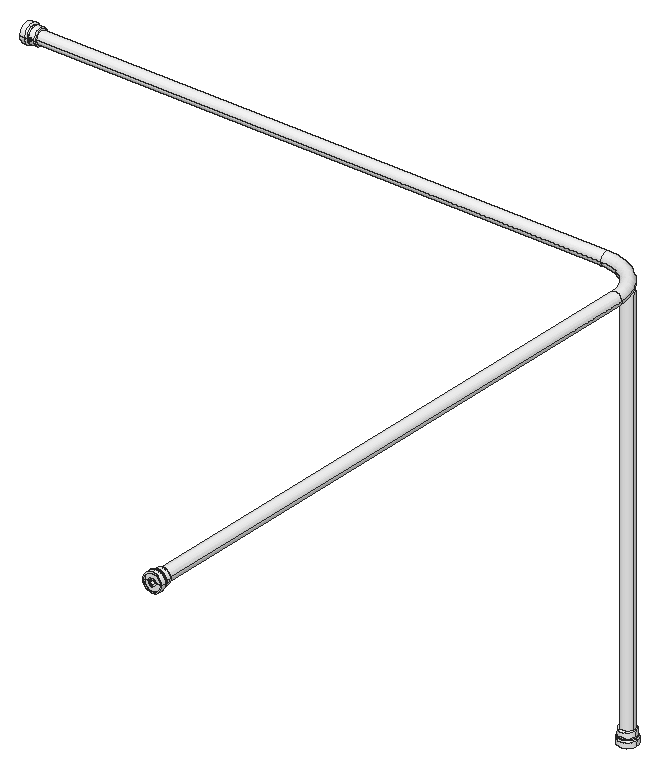
Revit family "53936__DVS-L-B-1500x1500", category Generic Models, Revit 2014
Parameters (values of type "Type")
  Length [instance] = 700 mm
  L [instance] = Length - 40 mm  # 660 mm
  Color = White
Reference planes
  plane 1 "Center (Front/Back)": y = 0
  plane 2: z = 0
  plane 3 "Center (Left/Right)": x = 0
Forms (mm)
  Extrusion 1, solid, material "White" <- "Color", detail levels fine
    sketch origin (0, -1228, 951) x (0, 1, 0) y (0, 0, 1)
      loop
        circle (-250, 49) r 3
      loop
        line (-248.4, 49.924) -> (-250, 50.848) -> (-251.6, 49.924) -> (-251.6, 48.076) -> (-250, 47.152) -> (-248.4, 48.076) -> (-248.4, 49.924)
    from 0 to 20
  Revolve 2, solid, material "White" <- "Color", detail levels fine
    sketch origin (0, -1500, 1000) x (1, 0, 0) y (0, 1, 0)
      loop
        arc (22.475, 11.48) -> (21.956, 13.166) -> (20.58, 14.269) r 3
        arc (20.58, 14.269) -> (19.18, 15.661) -> (19.227, 17.635) r 2.5
        arc (19.227, 17.635) -> (19.447, 18.322) -> (19.496, 19.042) r 3
        line (19.496, 19.042) -> (18.864, 31.105)
        arc (18.864, 31.105) -> (18.243, 32.451) -> (16.866, 33) r 2
        line (16.866, 33) -> (5.5, 33) -> (5.5, 2) -> (9.5, 2) -> (9.5, 1) -> (20, 1) -> (20, 0) -> (22.475, 0) -> (22.475, 11.48)
      axis (0, 0) -> (0, 33)
    angle from 0 to 360
  Sweep 3, solid, material "White" <- "Color", detail levels medium+fine
    path origin (0, 0, 1000) x (1, 0, 0) y (0, 1, 0)
      loop
        line (0, -1467) -> (0, -110)
        arc (0, -110) -> (-32.218, -32.218) -> (-110, 0) r 110
        line (-110, 0) -> (-1467, 0)
    profile origin (-788.5, 0, 1000) x (0, -1, 0) y (0, 0, 1)
      loop
        circle (0, 0) r 15
  Extrusion 4, void
    sketch origin (0, -1228, 951) x (0, 1, 0) y (0, 0, 1)
      loop
        line (-248.4, 49.924) -> (-250, 50.848) -> (-251.6, 49.924) -> (-251.6, 48.076) -> (-250, 47.152) -> (-248.4, 48.076) -> (-248.4, 49.924)
    from 17.178 to 28.803
  Extrusion 5, solid, material "White" <- "Color", detail levels fine
    sketch origin (-32.218, 16.782, -228) x (0, 0, -1) y (0, -1, 0)
      loop
        circle (-250, 49) r 3
      loop
        line (-248.4, 49.924) -> (-250, 50.848) -> (-251.6, 49.924) -> (-251.6, 48.076) -> (-250, 47.152) -> (-248.4, 48.076) -> (-248.4, 49.924)
    from 0 to 20
  Revolve 6, solid, material "White" <- "Color", detail levels fine
    sketch origin (-32.218, -32.218, 0) x (1, 0, 0) y (0, 0, 1)
      loop
        arc (22.475, 11.48) -> (21.956, 13.166) -> (20.58, 14.269) r 3
        arc (20.58, 14.269) -> (19.18, 15.661) -> (19.227, 17.635) r 2.5
        arc (19.227, 17.635) -> (19.447, 18.322) -> (19.496, 19.042) r 3
        line (19.496, 19.042) -> (18.864, 31.105)
        arc (18.864, 31.105) -> (18.243, 32.451) -> (16.866, 33) r 2
        line (16.866, 33) -> (5.5, 33) -> (5.5, 2) -> (9.5, 2) -> (9.5, 1) -> (20, 1) -> (20, 0) -> (22.475, 0) -> (22.475, 11.48)
      axis (0, 0) -> (0, 33)
    angle from 0 to 360
  Extrusion 7, void, detail levels fine
    sketch origin (-32.218, -283.218, -228) x (0, 0, -1) y (0, -1, 0)
      loop
        line (-248.4, 49.924) -> (-250, 50.848) -> (-251.6, 49.924) -> (-251.6, 48.076) -> (-250, 47.152) -> (-248.4, 48.076) -> (-248.4, 49.924)
    from 17.178 to 28.803
  Extrusion 8, solid, material "White" <- "Color", detail levels fine
    sketch origin (0, 0, 0) x (1, 0, 0) y (0, 1, 0)
      loop
        circle (-32.218, -32.218) r 15
    from 27.601 to 972
  Extrusion 9, solid, material "White" <- "Color", detail levels fine
    sketch origin (-1228, 0, 951) x (1, 0, 0) y (0, 0, 1)
      loop
        circle (-250, 49) r 3
      loop
        line (-248.4, 49.924) -> (-250, 50.848) -> (-251.6, 49.924) -> (-251.6, 48.076) -> (-250, 47.152) -> (-248.4, 48.076) -> (-248.4, 49.924)
    from 0 to 20
  Revolve 10, solid, material "White" <- "Color", detail levels fine
    sketch origin (-1500, 0, 1000) x (0, -1, 0) y (1, 0, 0)
      loop
        arc (22.475, 11.48) -> (21.956, 13.166) -> (20.58, 14.269) r 3
        arc (20.58, 14.269) -> (19.18, 15.661) -> (19.227, 17.635) r 2.5
        arc (19.227, 17.635) -> (19.447, 18.322) -> (19.496, 19.042) r 3
        line (19.496, 19.042) -> (18.864, 31.105)
        arc (18.864, 31.105) -> (18.243, 32.451) -> (16.866, 33) r 2
        line (16.866, 33) -> (5.5, 33) -> (5.5, 2) -> (9.5, 2) -> (9.5, 1) -> (20, 1) -> (20, 0) -> (22.475, 0) -> (22.475, 11.48)
      axis (0, 0) -> (0, 33)
    angle from 0 to 360
  Extrusion 11, void
    sketch origin (-1228, -300, 951) x (1, 0, 0) y (0, 0, 1)
      loop
        line (-248.4, 49.924) -> (-250, 50.848) -> (-251.6, 49.924) -> (-251.6, 48.076) -> (-250, 47.152) -> (-248.4, 48.076) -> (-248.4, 49.924)
    from 17.178 to 28.803
  Revolve 12, solid, material "White" <- "Color", detail levels fine
    sketch origin (0, -32, 0) x (1, 0, 0) y (0, 0, 1)
      loop
        line (-36.218, 1000) -> (-36.218, 977)
        arc (-36.218, 977) -> (-37.097, 974.879) -> (-39.218, 974) r 3
        line (-39.218, 974) -> (-39.218, 972) -> (-32.218, 972) -> (-32.218, 1000) -> (-36.218, 1000)
      axis (-32.218, 1000) -> (-32.218, 972)
    angle from 0 to 360
  Extrusion 13, void
    sketch origin (0, 0, 0) x (1, 0, 0) y (0, 0, 1)
      loop
        line (-38.218, 972) -> (-38.218, 975.581) -> (-44.166, 975.581) -> (-44.166, 972) -> (-38.218, 972)
      loop
        line (-26.218, 972) -> (-20.694, 972) -> (-20.694, 975.946) -> (-26.218, 975.946) -> (-26.218, 972)
    from -32.169 to 250
  Sweep 14, solid, material "White", not visible, detail levels medium+fine
    path origin (488.763, 488.762, 1000) x (1, 0, 0) y (0, 1, 0)
      loop
        line (0, -967) -> (0, -110)
        arc (0, -110) -> (-32.218, -32.218) -> (-110, 0) r 110
        line (-110, 0) -> (-967, 0)
    profile origin (-49.737, 488.762, 1000) x (0, -1, 0) y (0, 0, 1)
      loop
        circle (0, 0) r 15
  Extrusion 15, solid, material "White", not visible, detail levels fine
    sketch origin (488.763, 488.762, 0) x (1, 0, 0) y (0, 1, 0)
      loop
        circle (-32.218, -32.218) r 15
    from 27.601 to 972
  Revolve 16, solid, material "White", not visible, detail levels medium
    sketch origin (456.544, 456.544, 0) x (1, 0, 0) y (0, 0, 1)
      loop
        arc (22.475, 11.48) -> (21.956, 13.166) -> (20.58, 14.269) r 3
        arc (20.58, 14.269) -> (19.18, 15.661) -> (19.227, 17.635) r 2.5
        arc (19.227, 17.635) -> (19.447, 18.322) -> (19.496, 19.042) r 3
        line (19.496, 19.042) -> (18.864, 31.105)
        arc (18.864, 31.105) -> (18.243, 32.451) -> (16.866, 33) r 2
        line (16.866, 33) -> (0, 33) -> (0, 0) -> (22.475, 0) -> (22.475, 11.48)
      axis (0, 0) -> (0, 33)
    angle from 0 to 360
  Revolve 17, solid, material "White", not visible, detail levels medium
    sketch origin (-511.237, 488.763, 1000) x (0, -1, 0) y (1, 0, 0)
      loop
        arc (22.475, 11.48) -> (21.956, 13.166) -> (20.58, 14.269) r 3
        arc (20.58, 14.269) -> (19.18, 15.661) -> (19.227, 17.635) r 2.5
        arc (19.227, 17.635) -> (19.447, 18.322) -> (19.496, 19.042) r 3
        line (19.496, 19.042) -> (18.864, 31.105)
        arc (18.864, 31.105) -> (18.243, 32.451) -> (16.866, 33) r 2
        line (16.866, 33) -> (0, 33) -> (0, 0) -> (22.475, 0) -> (22.475, 11.48)
      axis (0, 0) -> (0, 33)
    angle from 0 to 360
  Revolve 18, solid, material "White", not visible, detail levels medium
    sketch origin (488.762, -511.238, 1000) x (1, 0, 0) y (0, 1, 0)
      loop
        arc (22.475, 11.48) -> (21.956, 13.166) -> (20.58, 14.269) r 3
        arc (20.58, 14.269) -> (19.18, 15.661) -> (19.227, 17.635) r 2.5
        arc (19.227, 17.635) -> (19.447, 18.322) -> (19.496, 19.042) r 3
        line (19.496, 19.042) -> (18.864, 31.105)
        arc (18.864, 31.105) -> (18.243, 32.451) -> (16.866, 33) r 2
        line (16.866, 33) -> (0, 33) -> (0, 0) -> (22.475, 0) -> (22.475, 11.48)
      axis (0, 0) -> (0, 33)
    angle from 0 to 360
  Extrusion 19, solid, material "White", not visible, detail levels coarse+medium
    sketch origin (488.763, 488.762, 0) x (1, 0, 0) y (0, 1, 0)
      loop
        circle (-32.218, -32.218) r 15
    from 33 to 1000
  Revolve 20, solid, material "White", not visible, detail levels coarse
    sketch origin (456.544, 456.544, 0) x (1, 0, 0) y (0, 0, 1)
      loop
        line (22.475, 33) -> (0, 33) -> (0, 0) -> (22.475, 0) -> (22.475, 33)
      axis (0, 0) -> (0, 33)
    angle from 0 to 360
  Revolve 21, solid, material "White", not visible, detail levels coarse
    sketch origin (-511.237, 488.763, 1000) x (0, -1, 0) y (1, 0, 0)
      loop
        line (22.475, 33) -> (0, 33) -> (0, 0) -> (22.475, 0) -> (22.475, 33)
      axis (0, 0) -> (0, 33)
    angle from 0 to 360
  Revolve 22, solid, material "White", not visible, detail levels coarse
    sketch origin (488.762, -511.238, 1000) x (1, 0, 0) y (0, 1, 0)
      loop
        line (22.475, 33) -> (0, 33) -> (0, 0) -> (22.475, 0) -> (22.475, 33)
      axis (0, 0) -> (0, 33)
    angle from 0 to 360
  Extrusion 23, solid, material "White", not visible, detail levels coarse
    sketch origin (488.763, 488.762, 0) x (0, 1, 0) y (0, 0, 1)
      loop
        circle (0, 1000) r 15
    from -110 to -967
  Extrusion 24, solid, material "White", not visible, detail levels coarse
    sketch origin (488.763, 869.369, 0) x (-1, 0, 0) y (0, 0, 1)
      loop
        circle (0, 1000) r 15
    from -490.607 to -1347.607
  Extrusion 25, solid, material "White", not visible, detail levels coarse
    sketch origin (243.057, 993.318, 0) x (-0.929133, -0.369747, 0) y (0, 0, 1)
      loop
        circle (0, 1000) r 15
    from -571.188 to -667.399
  Extrusion 26, solid, material "White", not visible, detail levels coarse
    sketch origin (993.318, 243.057, 0) x (-0.369747, -0.929133, 0) y (0, 0, -1)
      loop
        circle (0, -1000) r 15
    from -571.215 to -667.399
  Revolve 27, solid, material "White", detail levels medium
    sketch origin (-32.218, -32.218, 0) x (1, 0, 0) y (0, 0, 1)
      loop
        arc (22.475, 11.48) -> (21.956, 13.166) -> (20.58, 14.269) r 3
        arc (20.58, 14.269) -> (19.18, 15.661) -> (19.227, 17.635) r 2.5
        arc (19.227, 17.635) -> (19.447, 18.322) -> (19.496, 19.042) r 3
        line (19.496, 19.042) -> (18.864, 31.105)
        arc (18.864, 31.105) -> (18.243, 32.451) -> (16.866, 33) r 2
        line (16.866, 33) -> (0, 33) -> (0, 0) -> (22.475, 0) -> (22.475, 11.48)
      axis (0, 0) -> (0, 33)
    angle from 0 to 360
  Revolve 28, solid, material "White", detail levels medium
    sketch origin (-1500, 0, 1000) x (0, -1, 0) y (1, 0, 0)
      loop
        arc (22.475, 11.48) -> (21.956, 13.166) -> (20.58, 14.269) r 3
        arc (20.58, 14.269) -> (19.18, 15.661) -> (19.227, 17.635) r 2.5
        arc (19.227, 17.635) -> (19.447, 18.322) -> (19.496, 19.042) r 3
        line (19.496, 19.042) -> (18.864, 31.105)
        arc (18.864, 31.105) -> (18.243, 32.451) -> (16.866, 33) r 2
        line (16.866, 33) -> (0, 33) -> (0, 0) -> (22.475, 0) -> (22.475, 11.48)
      axis (0, 0) -> (0, 33)
    angle from 0 to 360
  Revolve 29, solid, material "White", detail levels medium
    sketch origin (0, -1500, 1000) x (1, 0, 0) y (0, 1, 0)
      loop
        arc (22.475, 11.48) -> (21.956, 13.166) -> (20.58, 14.269) r 3
        arc (20.58, 14.269) -> (19.18, 15.661) -> (19.227, 17.635) r 2.5
        arc (19.227, 17.635) -> (19.447, 18.322) -> (19.496, 19.042) r 3
        line (19.496, 19.042) -> (18.864, 31.105)
        arc (18.864, 31.105) -> (18.243, 32.451) -> (16.866, 33) r 2
        line (16.866, 33) -> (0, 33) -> (0, 0) -> (22.475, 0) -> (22.475, 11.48)
      axis (0, 0) -> (0, 33)
    angle from 0 to 360
  Extrusion 30, solid, material "White", detail levels medium
    sketch origin (0, 0, 0) x (1, 0, 0) y (0, 1, 0)
      loop
        circle (-32.218, -32.218) r 15
    from 33 to 1000
  Extrusion 31, solid, material "White" <- "Color", detail levels coarse
    sketch origin (0, 0, 0) x (1, 0, 0) y (0, 0, 1)
      loop
        line (-1500.281, 1022.54) -> (-1500.281, 0) -> (22.475, 0) -> (22.475, 1022.54) -> (-1500.281, 1022.54)
    from -22.963 to 1500
Cuts and joins
  Extrusion 4, Extrusion 7, Extrusion 11 cuts Revolve 2
  Extrusion 7, Extrusion 11 cuts Extrusion 1
  Extrusion 7 cuts Extrusion 5
  Extrusion 7, Extrusion 13 cuts Revolve 6
  Extrusion 13 cuts Extrusion 8
  Extrusion 13 cuts Revolve 12
  joined: Revolve 6, Extrusion 8, Revolve 12
  Extrusion 11 cuts Extrusion 9
  Extrusion 11 cuts Revolve 10
Dimensions and locks
  radius of Sweep 3 sketch curve = 110 mm
  radius of Sweep 14 sketch curve = 110 mm
  aligned and locked: level to plane 2
